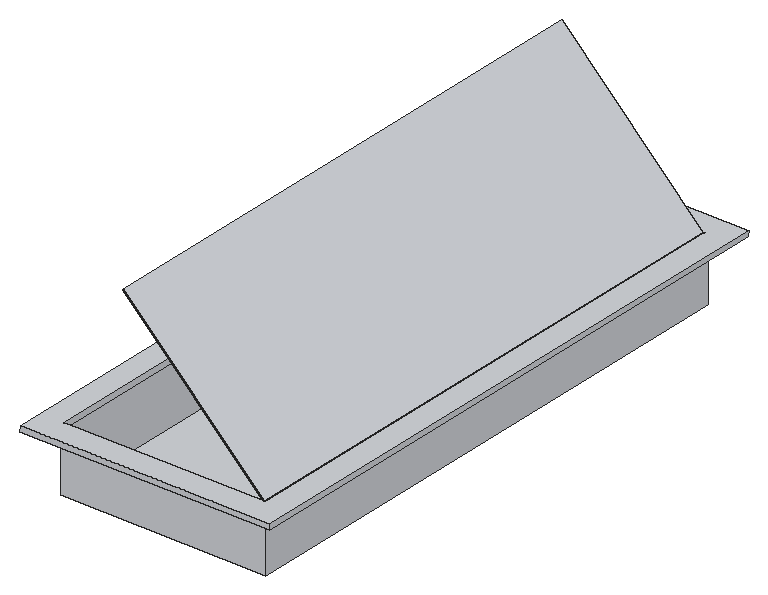
Revit family "Hager-Volta-IP30-Flush_mounted-leer-DE-de", category Electrical Equipment, host Face, Revit 2020
Family settings
  Host = Face
  Panel Configuration = Two Columns, Circuits Across
  Round Connector Dimension = Use Diameter
  Part Type = Panelboard
  Cut with Voids When Loaded = No
  Shared = No
  Room Calculation Point = No
Parameters (values of type "Unterputz IP30 B348 H880.5 T98 12 Teilungseinheiten - VU60WWV")
  Width Control [instance] = if([HG000006 - Unterputz], if([EF000846 - Einbaubreite] > min_whd, [EF000846 - Einbaubreite], min_whd), if([EF000008 - Breite] > min_whd, ([EF000008 - Breite]), min_whd))  # 314 mm
  Void Depth [instance] = if([HG000006 - Unterputz], Depth Control, 1 mm)  # 89 mm
  Type Comments = [HG000003 - Bereich]  # "Volta"
  System Height [instance] = Height Control - 2 * [HG000005 - Dicke]  # 839 mm
  Model = [HG000004 - Herstellerreferenz]  # "VU60WWV"
  HG000017 - Distanz zwischen den Polen = 18 mm
  HG000016 - 3D-Türsichtbarkeit [instance] = yes
  HG000015 - Sichtbarkeit der Türöffnung [instance] = no
  HG000014 - Tür rechts [instance] = yes
  HG000013 - Tür links [instance] = not([HG000014 - Tür rechts])  # no
  HG000012 - Türschwenkwinkel [instance] = 45.00°
  HG000011 - Leere Reihen von unten = no
  HG000010 - Asymmetrische Türen = no
  HG000009 - Doppelflügeligen Tür = no
  HG000008 - Anzahl der leeren Reihen = 0
  HG000007 - Anzahl der leeren Spalten = 0
  HG000006 - Unterputz = yes
  HG000005 - Dicke = 3 mm  # constant formula
  HG000004 - Herstellerreferenz = "VU60WWV"
  HG000003 - Bereich = "Volta"
  HG000002 - Mit tür = yes
  HG000001 - Anzahl der Spalten = 0
  EF015941 - Signaldurchlassende Tür = yes
  EF015777 - Neutralleiterklemmenblock = no
  EF015776 - Erdungsklemmenblock = no
  EF009212 - Ausführung Deckel = "EV009916 - mit Ausschnitt"
  EF006306 - Mit Schloss = no
  EF006244 - Transparenter Deckel/Tür = no
  EF005474 - Schutzart (IP) = "EV006410 - IP30"
  EF004462 - Art der Schließung = "EV000154 - sonstige"
  EF002950 - Breite in Teilungseinheiten = 12
  EF001596 - Werkstoff des Gehäuses = "EV000154 - sonstige"
  EF001134 - DIN-Schiene = yes
  EF001131 - Innentiefe = 92 mm
  EF001088 - Anbaumöglichkeit = yes
  EF001062 - EMV-Ausführung = no
  EF000846 - Einbaubreite = 314 mm
  EF000339 - Art der Abdeckung = "EV004216 - Tür"
  EF000332 - Einbauhöhe = 845 mm
  EF000266 - Anzahl der Reihen = 0
  EF000218 - Einbautiefe = 89 mm
  EF000118 - Mit Montageplatte = yes
  EF000116 - RAL-Nummer = "9010"
  EF000049 - Tiefe = 98 mm
  EF000040 - Höhe = 880 mm
  EF000008 - Breite = 348 mm
  EF000007 - Farbe = "EV000202 - weiß"
  EF000003 - Montageart = "EV000383 - Unterputz"
  Arrow Offset [instance] = Depth Control / 8  # 11.125 mm
  Arrow Height [instance] = Depth Control - Arrow Offset  # 77.875 mm
  Host Offset [instance] = if([HG000006 - Unterputz], 0 mm, [EF000049 - Tiefe])  # 0 mm
  min_whd [instance] = (2 * [HG000005 - Dicke]) + 1 mm  # 7 mm
  Manufacturer = "Hager"  # constant formula
  Height Control [instance] = if([HG000006 - Unterputz], if([EF000332 - Einbauhöhe] > min_whd, [EF000332 - Einbauhöhe], min_whd), if([EF000040 - Höhe] > min_whd, ([EF000040 - Höhe]), min_whd))  # 845 mm
  Flush Mounted - Door Frame Width [instance] = if(([EF000040 - Höhe] - [EF000332 - Einbauhöhe]) > 0 mm, if([HG000006 - Unterputz], [EF000040 - Höhe] - [EF000332 - Einbauhöhe], 0 mm), 0 mm)  # 35 mm
  Depth Control [instance] = if([HG000006 - Unterputz], if([EF000218 - Einbautiefe] > 0 mm, [EF000218 - Einbautiefe], 1 mm), if([EF000049 - Tiefe] > 0 mm, ([EF000049 - Tiefe]), 1 mm))  # 89 mm
  Default Elevation = 0 mm
Types (22, lengths in mm): name | Width Control | Void Depth | System Height | Model | HG000004 - Herstellerreferenz | HG000002 - Mit tür | EF015941 - Signaldurchlassende Tür | EF009212 - Ausführung Deckel | EF005474 - Schutzart (IP) | EF004462 - Art der Schließung | EF001596 - Werkstoff des Gehäuses | EF001134 - DIN-Schiene | EF001062 - EMV-Ausführung | EF000846 - Einbaubreite | EF000339 - Art der Abdeckung | EF000332 - Einbauhöhe | EF000266 - Anzahl der Reihen | EF000218 - Einbautiefe | EF000118 - Mit Montageplatte | EF000116 - RAL-Nummer | EF000049 - Tiefe | EF000040 - Höhe | EF000008 - Breite | EF000007 - Farbe | Arrow Offset | Arrow Height | Height Control | Flush Mounted - Door Frame Width | Depth Control
  Unterputz  B330 H355 T94.5 12 Teilungseinheiten - VU12NK | 335 | 90 | 340 | "VU12NK" | "VU12NK" | no | no | "EV000116 - geschlossen" | "" | "" | "EV000139 - Kunststoff" | no | yes | 335 | "" | 346 | 1 | 90 | no | "7035" | 94 | 355 | 330 | "EV000270 - grau" | 11.25 | 78.75 | 346 | 9 | 90
  Unterputz  B330 H484 T94.5 12 Teilungseinheiten - VU24NK | 335 | 90 | 465 | "VU24NK" | "VU24NK" | no | no | "EV000116 - geschlossen" | "" | "" | "EV000139 - Kunststoff" | no | yes | 335 | "" | 471 | 2 | 90 | no | "7035" | 94 | 484 | 330 | "EV000270 - grau" | 11.25 | 78.75 | 471 | 13 | 90
  Unterputz  B330 H609 T94.5 12 Teilungseinheiten - VU36NK | 335 | 90 | 590 | "VU36NK" | "VU36NK" | no | no | "EV000116 - geschlossen" | "" | "" | "EV000139 - Kunststoff" | no | yes | 335 | "" | 596 | 3 | 90 | no | "7035" | 94 | 609 | 330 | "EV000270 - grau" | 11.25 | 78.75 | 596 | 13 | 90
  Unterputz  B330 H734 T94.5 12 Teilungseinheiten - VU48NK | 335 | 90 | 715 | "VU48NK" | "VU48NK" | no | no | "EV000116 - geschlossen" | "" | "" | "EV000139 - Kunststoff" | no | yes | 335 | "" | 721 | 4 | 90 | no | "7035" | 94 | 734 | 330 | "EV000270 - grau" | 11.25 | 78.75 | 721 | 13 | 90
  Unterputz  B348 H880 T94.5 12 Teilungseinheiten - VU60NK | 335 | 90 | 840 | "VU60NK" | "VU60NK" | no | no | "EV000116 - geschlossen" | "" | "" | "EV000139 - Kunststoff" | no | yes | 335 | "" | 846 | 5 | 90 | no | "7035" | 94 | 880 | 348 | "EV000270 - grau" | 11.25 | 78.75 | 846 | 34 | 90
  Unterputz IP30 B348 H505.5 T98 12 Teilungseinheiten - VU24NWB | 314 | 89 | 464 | "VU24NWB" | "VU24NWB" | yes | no | "EV009916 - mit Ausschnitt" | "EV006410 - IP30" | "EV000154 - sonstige" | "EV000154 - sonstige" | yes | no | 314 | "EV004216 - Tür" | 470 | 0 | 89 | yes | "9010" | 98 | 506 | 348 | "EV000202 - weiß" | 11.125 | 77.875 | 470 | 36 | 89
  Unterputz IP30 B348 H630.5 T98 12 Teilungseinheiten - VU36NKM | 314 | 89 | 589 | "VU36NKM" | "VU36NKM" | no | no | "EV000116 - geschlossen" | "EV006410 - IP30" | "" | "EV000139 - Kunststoff" | yes | no | 314 | "" | 595 | 0 | 89 | yes | "7035" | 98 | 630 | 348 | "EV000270 - grau" | 11.125 | 77.875 | 595 | 35 | 89
  Unterputz IP30 B348 H630.5 T98 12 Teilungseinheiten - VU36NW | 314 | 89 | 589 | "VU36NW" | "VU36NW" | yes | no | "EV009916 - mit Ausschnitt" | "EV006410 - IP30" | "EV000154 - sonstige" | "EV000154 - sonstige" | yes | no | 314 | "EV004216 - Tür" | 595 | 0 | 89 | yes | "9010" | 98 | 630 | 348 | "EV000202 - weiß" | 11.125 | 77.875 | 595 | 35 | 89
  Unterputz IP30 B348 H630.5 T98 12 Teilungseinheiten - VU36NWB | 314 | 89 | 589 | "VU36NWB" | "VU36NWB" | yes | no | "EV009916 - mit Ausschnitt" | "EV006410 - IP30" | "EV000154 - sonstige" | "EV000154 - sonstige" | yes | no | 314 | "EV004216 - Tür" | 595 | 0 | 89 | yes | "9010" | 98 | 630 | 348 | "EV000202 - weiß" | 11.125 | 77.875 | 595 | 35 | 89
  Unterputz IP30 B348 H630.5 T98 12 Teilungseinheiten - VU36WWH | 314 | 89 | 589 | "VU36WWH" | "VU36WWH" | yes | yes | "EV009916 - mit Ausschnitt" | "EV006410 - IP30" | "EV000154 - sonstige" | "EV000154 - sonstige" | yes | no | 314 | "EV004216 - Tür" | 595 | 0 | 89 | yes | "9010" | 98 | 630 | 348 | "EV000202 - weiß" | 11.125 | 77.875 | 595 | 35 | 89
  Unterputz IP30 B348 H755.5 T98 12 Teilungseinheiten - VU48MMV | 314 | 89 | 714 | "VU48MMV" | "VU48MMV" | yes | no | "EV009916 - mit Ausschnitt" | "EV006410 - IP30" | "EV000154 - sonstige" | "EV000154 - sonstige" | yes | no | 314 | "EV004216 - Tür" | 720 | 0 | 89 | yes | "9010" | 98 | 756 | 348 | "EV000202 - weiß" | 11.125 | 77.875 | 720 | 36 | 89
  Unterputz IP30 B348 H755.5 T98 12 Teilungseinheiten - VU48NKM | 314 | 89 | 714 | "VU48NKM" | "VU48NKM" | no | no | "EV000116 - geschlossen" | "EV006410 - IP30" | "" | "EV000139 - Kunststoff" | yes | no | 314 | "" | 720 | 0 | 89 | yes | "7035" | 98 | 756 | 348 | "EV000270 - grau" | 11.125 | 77.875 | 720 | 36 | 89
  Unterputz IP30 B348 H755.5 T98 12 Teilungseinheiten - VU48NW | 314 | 89 | 714 | "VU48NW" | "VU48NW" | yes | no | "EV009916 - mit Ausschnitt" | "EV006410 - IP30" | "EV000154 - sonstige" | "EV000154 - sonstige" | yes | no | 314 | "EV004216 - Tür" | 720 | 0 | 89 | yes | "9010" | 98 | 756 | 348 | "EV000202 - weiß" | 11.125 | 77.875 | 720 | 36 | 89
  Unterputz IP30 B348 H755.5 T98 12 Teilungseinheiten - VU48NWB | 314 | 89 | 714 | "VU48NWB" | "VU48NWB" | yes | no | "EV009916 - mit Ausschnitt" | "EV006410 - IP30" | "EV000154 - sonstige" | "EV000154 - sonstige" | yes | no | 314 | "EV004216 - Tür" | 720 | 0 | 89 | yes | "9010" | 98 | 756 | 348 | "EV000202 - weiß" | 11.125 | 77.875 | 720 | 36 | 89
  Unterputz IP30 B348 H755.5 T98 12 Teilungseinheiten - VU48WWH | 314 | 89 | 714 | "VU48WWH" | "VU48WWH" | yes | yes | "EV009916 - mit Ausschnitt" | "EV006410 - IP30" | "EV000154 - sonstige" | "EV000154 - sonstige" | yes | no | 314 | "EV004216 - Tür" | 720 | 0 | 89 | yes | "9010" | 98 | 756 | 348 | "EV000202 - weiß" | 11.125 | 77.875 | 720 | 36 | 89
  Unterputz IP30 B348 H755.5 T98 12 Teilungseinheiten - VU48WWV | 314 | 89 | 714 | "VU48WWV" | "VU48WWV" | yes | yes | "EV009916 - mit Ausschnitt" | "EV006410 - IP30" | "EV000154 - sonstige" | "EV000154 - sonstige" | yes | no | 314 | "EV004216 - Tür" | 720 | 0 | 89 | yes | "9010" | 98 | 756 | 348 | "EV000202 - weiß" | 11.125 | 77.875 | 720 | 36 | 89
  Unterputz IP30 B348 H880.5 T98 12 Teilungseinheiten - VU60MMV | 314 | 89 | 839 | "VU60MMV" | "VU60MMV" | yes | no | "EV009916 - mit Ausschnitt" | "EV006410 - IP30" | "EV000154 - sonstige" | "EV000154 - sonstige" | yes | no | 314 | "EV004216 - Tür" | 845 | 0 | 89 | yes | "9010" | 98 | 880 | 348 | "EV000202 - weiß" | 11.125 | 77.875 | 845 | 35 | 89
  Unterputz IP30 B348 H880.5 T98 12 Teilungseinheiten - VU60NKM | 314 | 89 | 839 | "VU60NKM" | "VU60NKM" | no | no | "EV000116 - geschlossen" | "EV006410 - IP30" | "" | "EV000139 - Kunststoff" | yes | no | 314 | "" | 845 | 0 | 89 | yes | "7035" | 98 | 880 | 348 | "EV000270 - grau" | 11.125 | 77.875 | 845 | 35 | 89
  Unterputz IP30 B348 H880.5 T98 12 Teilungseinheiten - VU60NW | 314 | 89 | 839 | "VU60NW" | "VU60NW" | yes | no | "EV009916 - mit Ausschnitt" | "EV006410 - IP30" | "EV000154 - sonstige" | "EV000154 - sonstige" | yes | no | 314 | "EV004216 - Tür" | 845 | 0 | 89 | yes | "9010" | 98 | 880 | 348 | "EV000202 - weiß" | 11.125 | 77.875 | 845 | 35 | 89
  Unterputz IP30 B348 H880.5 T98 12 Teilungseinheiten - VU60NWB | 314 | 89 | 839 | "VU60NWB" | "VU60NWB" | yes | no | "EV009916 - mit Ausschnitt" | "EV006410 - IP30" | "EV000154 - sonstige" | "EV000154 - sonstige" | yes | no | 314 | "EV004216 - Tür" | 845 | 0 | 89 | yes | "9010" | 98 | 880 | 348 | "EV000202 - weiß" | 11.125 | 77.875 | 845 | 35 | 89
  Unterputz IP30 B348 H880.5 T98 12 Teilungseinheiten - VU60WWH | 314 | 89 | 839 | "VU60WWH" | "VU60WWH" | yes | yes | "EV009916 - mit Ausschnitt" | "EV006410 - IP30" | "EV000154 - sonstige" | "EV000154 - sonstige" | yes | no | 314 | "EV004216 - Tür" | 845 | 0 | 89 | yes | "9010" | 98 | 880 | 348 | "EV000202 - weiß" | 11.125 | 77.875 | 845 | 35 | 89
  Unterputz IP30 B348 H880.5 T98 12 Teilungseinheiten - VU60WWV | 314 | 89 | 839 | "VU60WWV" | "VU60WWV" | yes | yes | "EV009916 - mit Ausschnitt" | "EV006410 - IP30" | "EV000154 - sonstige" | "EV000154 - sonstige" | yes | no | 314 | "EV004216 - Tür" | 845 | 0 | 89 | yes | "9010" | 98 | 880 | 348 | "EV000202 - weiß" | 11.125 | 77.875 | 845 | 35 | 89
Reference planes
  plane 1 "Center (Front/Back)": y = 0
  plane 2: z = 0
  plane 3 "Center (Left/Right)": x = 0
  plane 4: z = 0
  plane 5: y = 38
  plane 6: z = -5
  plane 7: y = 457.5
  plane 8: y = 35
  plane 9: y = 880
  plane 10: z = -89
  plane 11: x = -157
  plane 12: x = 157
  plane 13: x = 154
  plane 14: x = -154
  plane 15: y = 877
  plane 16: z = -86
  plane 17: z = -3
  plane 18: z = -89
  plane 19: z = -3
Forms (mm)
  Extrusion 1, solid
    sketch origin (-583.045, 35, 1219.2) x (-1, 0, 0) y (0, 0, 1)
      loop
        line (-426.045, -1219.2) -> (-740.045, -1219.2) -> (-740.045, -1308.2) -> (-426.045, -1308.2) -> (-426.045, -1219.2)
    from 0 to 845 <- "Height Control"
  Extrusion 2, void
    sketch origin (-381.607, -4572, 0) x (0, -1, 0) y (-1, 0, 0)
      loop
        line (-5449, -227.607) -> (-5449, -535.607) -> (-4610, -535.607) -> (-4610, -227.607) -> (-5449, -227.607)
    from 0 to 86
  Extrusion 3, void
    sketch origin (0, 0, 0) x (1, 0, 0) y (0, 1, 0)
      loop
        line (-157, 35) -> (157, 35) -> (157, 880) -> (-157, 880) -> (-157, 35)
    from -89 to 1
  Extrusion 4, solid, detail levels coarse+medium
    sketch origin (-381.607, -4572, 0) x (-1, 0, 0) y (0, -1, 0)
      loop
        line (-227.607, -5449) -> (-227.607, -4610) -> (-535.607, -4610) -> (-535.607, -5449) -> (-227.607, -5449)
    from 0 to -3
Cuts and joins
  Extrusion 2 cuts Extrusion 1
Dimensions and locks
  plane 4 to plane 6 = 5 mm
  "Host Offset": plane 4 to host face
  "Flush Mounted - Door Frame Width": plane 1 "Center (Front/Back)" to plane 8
  "HG000005 - Dicke": plane 5 to plane 8
  locked: connector elem to plane 3 "Center (Left/Right)"
  "Height Control": plane 9 to plane 8
  equal spacing: plane 9, plane 7, plane 8
  locked: connector elem to plane 7
  "Depth Control": plane 4 to plane 10
  "HG000005 - Dicke": plane 11 to plane 14
  "HG000005 - Dicke": plane 12 to plane 13
  equal spacing: plane 11, plane 3 "Center (Left/Right)", plane 12
  "Width Control": plane 11 to plane 12
  "Arrow Offset": nested 4 to plane 10
  "HG000005 - Dicke": plane 9 to plane 15
  "HG000005 - Dicke": plane 16 to plane 10
  "HG000005 - Dicke": plane 4 to plane 17
  "Void Depth": plane 2 to plane 18
  "HG000005 - Dicke": plane 4 to plane 19
  aligned and locked: plane 2 to host face
  aligned and locked: level to host face
  aligned and locked: plane 3 "Center (Left/Right)" to nested 2
  aligned and locked: plane 4 to nested 2
  aligned and locked: nested 2 to plane 8
  aligned and locked: nested 1 to plane 6
  aligned and locked: plane 5 to nested 1
  aligned and locked: nested 4 to plane 11
  aligned and locked: nested 3 to plane 4
  aligned and locked: Extrusion 1 sketch curve to plane 12
  aligned and locked: Extrusion 1 sketch curve to plane 11
  aligned and locked: nested 3 to plane 10
  aligned and locked: plane 10 to Extrusion 1 sketch curve
  aligned and locked: plane 5 to Extrusion 2 sketch curve
  aligned and locked: Extrusion 2 sketch curve to plane 15
  aligned and locked: Extrusion 2 sketch curve to plane 14
  aligned and locked: Extrusion 2 sketch curve to plane 13
  aligned and locked: plane 11 to Extrusion 3 sketch curve
  aligned and locked: plane 9 to Extrusion 3 sketch curve
  aligned and locked: Extrusion 3 sketch curve to plane 8
  aligned and locked: plane 12 to Extrusion 3 sketch curve
  aligned and locked: nested 3 to plane 12
  aligned and locked: Extrusion 3 to plane 18
  aligned and locked: Extrusion 2 to plane 16
  aligned and locked: Extrusion 1 sketch curve to plane 4
  aligned and locked: Extrusion 4 to plane 17
  aligned and locked: Extrusion 4 sketch curve to plane 15
  aligned and locked: Extrusion 4 sketch curve to plane 13
  aligned and locked: Extrusion 4 sketch curve to plane 14
  aligned and locked: plane 5 to Extrusion 4 sketch curve
Automatic sketch dimensions
  host sketch curve to host sketch curve = 1469.727 mm
  host sketch curve to host sketch curve = 1434.803 mm
Nested families
  nested 1: "Hager_Enclosure_System" at (0, 38, -5) x (1, 0, 0) z (0, 1, 0), Depth <- "HG000005 - Dicke", Height <- "System Height", Width <- "EF000008 - Breite", Border <- "HG000005 - Dicke", Flush_Mounted <- "HG000006 - Unterputz", Built-in_Width <- "EF000846 - Einbaubreite", Row_Module_Multiplicator <- "EF002950 - Breite in Teilungseinheiten", Total_No_Empty_Rows <- "HG000008 - Anzahl der leeren Reihen", Total_No_Rows <- "EF000266 - Anzahl der Reihen", Empty_Columns <- "HG000007 - Anzahl der leeren Spalten", Width_Control <- "Width Control", Empty_Rows_From_Bottom <- "HG000011 - Leere Reihen von unten", Distance_Between_Poles <- "HG000017 - Distanz zwischen den Polen", Rows_Count <- "EF000266 - Anzahl der Reihen", Columns_Count <- "HG000001 - Anzahl der Spalten", type "Hager_Enclosure_System", detail levels fine
    with Width_Control 314 mm, Width 348 mm, Total_No_Rows 0, Total_No_Empty_Rows 0, Total_No_Columns 1, System_Width 308 mm, Rows_Count 0, Rows_Column 0, Row_Module_Multiplicator 12, Panel_4 no, Panel_3 no, Panel_2 no, Panel_1 no, No_Panels_Ctrl 1, Hide_Columns yes, Height 839 mm, Flush_Mounted yes, Empty_Rows_From_Bottom no, Empty_Rows_Column 0, Empty_Columns 0, Distance_Between_Poles 18 mm, Depth 3 mm, Columns_Count 0, Column_Width 308 mm, Built-in_Width 314 mm, Border 3 mm
  nested 2: "Hager_Enclosure_Door" at (0, 35, 0) x (1, 0, 0) z (0, 1, 0), Border <- "HG000005 - Dicke", Door_Right <- "HG000014 - Tür rechts", Flush_Mounted <- "HG000006 - Unterputz", Depth <- "EF000049 - Tiefe", Width <- "EF000008 - Breite", Door_Left <- "HG000013 - Tür links", 3d_Door <- "HG000016 - 3D-Türsichtbarkeit", BuiltIn_Width <- "EF000846 - Einbaubreite", BuiltIn_Height <- "EF000332 - Einbauhöhe", BuiltIn_Depth <- "EF000218 - Einbautiefe", Angle <- "HG000012 - Türschwenkwinkel", Assymetrical <- "HG000010 - Asymmetrische Türen", Double <- "HG000009 - Doppelflügeligen Tür", Clearance <- "HG000015 - Sichtbarkeit der Türöffnung", Transparent <- "EF006244 - Transparenter Deckel/Tür", Door <- "HG000002 - Mit tür", Height_Ctrl <- "Height Control", Width_Ctrl <- "Width Control", Height <- "EF000040 - Höhe", type "Hager_Enclosure_Door", detail levels medium+fine
    with min_wh 7 mm, Width_Ctrl 314 mm, Width 348 mm, Transparent_Door_No_Bottom_Border no, Transparent no, Leaf_Width 305 mm, Leaf_Tolerance 1.5 mm, Leaf_Height 836 mm, Leaf_2_Width 305 mm, Leaf_2_Offset 152.5 mm, Leaf_1_Width 305 mm, Leaf_1_Offset 152.5 mm, Height_Ctrl 845 mm, Height 880 mm, Frame_Width_Ctrl 34 mm, Frame_Width 34 mm, Frame_Internal_Offset 3 mm, Frame_Height_Ctrl 35 mm, Frame_Height 35 mm, Frame_Depth_Ctrl 9 mm, Frame_Depth 9 mm, Flush_Mounted yes, Double_Clearance_Ctrl no, Double no, Door_Right_Ctrl yes, Door_Right yes, Door_Left_Ctrl no, Door_Left no, Door yes, Depth 98 mm, Clearance_Depth 305 mm, Clearance_Ctrl no, Clearance no, BuiltIn_Width 314 mm, BuiltIn_Height 845 mm, BuiltIn_Depth 89 mm, Border 3 mm, Assymetrical no, Angle 45.00°, 3d_Door yes
  nested 3: "Hager_Enclosure_Symbol_Triangle" at (-157, 0, -89) x (1, 0, 0) z (0, -1, 0), Depth <- "Depth Control", Width <- "Width Control", type "Hager_Enclosure_Symbol_Triangle"
    with Width_Ctrl 314 mm, Width 314 mm, Depth_Ctrl 89 mm, Depth 89 mm
  nested 4: "Hager_Enclosure_Symbol_Arrow" at (-157, 0, -77.875) x (1, 0, 0) z (0, -1, 0), Height <- "Arrow Height", type "Hager_Enclosure_Symbol_Arrow"
    with Width_Inside 5.841 mm, Width 70.087 mm, Height_Ctrl 77.875 mm, Height 77.875 mm
Connectors
  electrical at (0, 457.5, -89)
    settings: on plane 10, index 1, voltage 0 V, apparent load 0 VA, apparent load phase1 0 VA, apparent load phase2 0 VA, apparent load phase3 0 VA, power factor 1, load classification "Other", number of poles 1, system type 30, power factor state 1, is connector primary yes, connector utility no, sub classification motor no, connector description ""
Definition of nested family "Hager_Enclosure_Door"
  Parameters (values of type "Hager_Enclosure_Door")
    min_wh [instance] = (2 * Border) + 1 mm  # 11 mm
    Width_Ctrl [instance] = 400 mm
    Width [instance] = 500 mm
    Transparent_Door_No_Bottom_Border [instance] = no
    Transparent [instance] = yes
    Leaf_Width [instance] = if((Width_Ctrl - 2 * Border - 2 * Leaf_Tolerance) > 0 mm, (Width_Ctrl - 2 * Border - 2 * Leaf_Tolerance), min_wh)  # 387 mm
    Leaf_Tolerance [instance] = 1.5 mm  # constant formula
    Leaf_Height [instance] = if((Height_Ctrl - 2 * Border - 2 * Leaf_Tolerance) > 0 mm, (Height_Ctrl - 2 * Border - 2 * Leaf_Tolerance), min_wh)  # 387 mm
    Leaf_2_Width [instance] = if(and(and(Double, Assymetrical), Door_Left), (Leaf_Width / 3) - (Leaf_Tolerance / 2), if(and(and(Double, Assymetrical), Door_Right), (Leaf_Width / 3) * 2 - (Leaf_Tolerance / 2), if(and(Double, not(Assymetrical)), (Leaf_Width / 2) - Leaf_Tolerance, Leaf_Width)))  # 387 mm
    Leaf_2_Offset [instance] = if(and(Double, Assymetrical), Leaf_2_Width / 2, if(and(Double, not(Assymetrical)), Leaf_Width / 4, Leaf_Width / 2))  # 193.5 mm
    Leaf_1_Width [instance] = if(and(and(Double, Assymetrical), Door_Right), (Leaf_Width / 3) - (Leaf_Tolerance / 2), if(and(and(Double, Assymetrical), Door_Left), (Width / 3) * 2 - (Leaf_Tolerance / 2), if(and(Double, not(Assymetrical)), (Leaf_Width / 2) - Leaf_Tolerance, Leaf_Width)))  # 387 mm
    Leaf_1_Offset [instance] = if(and(Double, Assymetrical), Leaf_1_Width / 2, if(and(Double, not(Assymetrical)), Leaf_Width / 4, Leaf_Width / 2))  # 193.5 mm
    Height_Ctrl [instance] = 400 mm
    Height [instance] = 500 mm
    Frame_Width_Ctrl [instance] = if(Frame_Width > 0 mm, Frame_Width, 1 mm)  # 1 mm
    Frame_Width [instance] = Width - BuiltIn_Width  # 0 mm
    Frame_Internal_Offset [instance] = if(Flush_Mounted, Border, 0 mm)  # 5 mm
    Frame_Height_Ctrl [instance] = if(Frame_Height > 0 mm, Frame_Height, 1 mm)  # 1 mm
    Frame_Height [instance] = Height - BuiltIn_Height  # 0 mm
    Frame_Depth_Ctrl [instance] = if(Frame_Depth > 0 mm, Frame_Depth, 1 mm)  # 1 mm
    Frame_Depth [instance] = if(Depth - BuiltIn_Depth > 0 mm, if(Flush_Mounted, Depth - BuiltIn_Depth, 0 mm), 0 mm)  # 0 mm
    Flush_Mounted [instance] = yes
    Double_Clearance_Ctrl [instance] = and(Double, Clearance)  # no
    Double [instance] = no
    Door_Right_Ctrl [instance] = and(or(Door_Right, Double), Door)  # yes
    Door_Right [instance] = yes
    Door_Left_Ctrl [instance] = and(or(Door_Left, Double), Door)  # no
    Door_Left [instance] = no
    Door [instance] = yes
    Depth [instance] = 500 mm
    Default Elevation = 1219.2 mm
    Clearance_Material = none
    Clearance_Depth [instance] = if(Leaf_1_Width > Leaf_2_Width, Leaf_1_Width, Leaf_2_Width)  # 387 mm
    Clearance_Ctrl [instance] = and(not(Double), Clearance)  # yes
    Clearance [instance] = yes
    BuiltIn_Width [instance] = 500 mm
    BuiltIn_Height [instance] = 500 mm
    BuiltIn_Depth [instance] = 500 mm
    Border [instance] = 5 mm
    Assymetrical [instance] = yes
    Angle [instance] = 30.00°
    3d_Door [instance] = yes
  Reference planes
    plane 1 "Center (Front/Back)": y = 0
    plane 2 "Bottom": z = 0
    plane 3 "Center (Left/Right)": x = 0
    plane 4: z = 400
    plane 5: x = -200
    plane 6: x = 200
    plane 7: z = 395
    plane 8: x = -195
    plane 9: z = 5
    plane 10: x = 195
    plane 11: y = 0
    plane 12: z = 6.5
    plane 13: x = -582
    plane 14: y = -387
    plane 15: x = 582
    plane 16: x = 0
    plane 17: x = 0
    plane 18: x = -193.5
    plane 19: x = 193.5
    plane 20: z = 393.5
  Forms (mm)
    Extrusion 1, solid, visible <- "Flush_Mounted"
      sketch origin (0, 0, 0) x (1, 0, 0) y (0, 0, 1)
        loop
          line (195, 5) -> (195, 395) -> (-195, 395) -> (-195, 5) -> (195, 5)
        loop
          line (-201, 401) -> (-201, -1) -> (201, -1) -> (201, 401) -> (-201, 401)
      from 0 to 1 <- "Frame_Depth_Ctrl"
    Extrusion 2, solid, material <- "Clearance_Material", visible <- "Double_Clearance_Ctrl"
      sketch origin (1200, 0, 0) x (1, 0, 0) y (0, 0, -1)
        loop
          line (-1782, -393.5) -> (-618, -393.5) -> (-618, 0) -> (-1782, 0) -> (-1782, -393.5)
      from 0 to -387
  Dimensions and locks
    equal spacing: plane 5, plane 3 "Center (Left/Right)", plane 6
    "Width_Ctrl": plane 5 to plane 6
    "Border": plane 5 to plane 8
    "Border": plane 6 to plane 10
    "Border": plane 9 to level
    "Border": plane 4 to plane 7
    "Height_Ctrl": plane 4 to level
    "Leaf_Tolerance": plane 12 to plane 9
    "Frame_Depth": plane 11 to plane 1 "Center (Front/Back)"
    "Frame_Width_Ctrl": plane 5 to Extrusion 1 sketch curve
    "Frame_Width_Ctrl": plane 6 to Extrusion 1 sketch curve
    "Frame_Width_Ctrl": Extrusion 1 sketch curve to plane 4
    "Frame_Width_Ctrl": plane 2 "Bottom" to Extrusion 1 sketch curve
    "Leaf_1_Offset": plane 18 to plane 16
    "Leaf_2_Offset": plane 17 to plane 19
    "Leaf_1_Width": plane 13 to plane 8
    "Leaf_2_Width": plane 10 to plane 15
    "Clearance_Depth": plane 14 to plane 1 "Center (Front/Back)"
    "Leaf_Tolerance": plane 8 to plane 18
    "Leaf_Tolerance": plane 19 to plane 10
    "Leaf_Tolerance": plane 7 to plane 20
    "Frame_Internal_Offset": plane 5 to Extrusion 1 sketch curve
    "Frame_Internal_Offset": Extrusion 1 sketch curve to plane 2 "Bottom"
    "Frame_Internal_Offset": plane 6 to Extrusion 1 sketch curve
    "Frame_Internal_Offset": plane 4 to Extrusion 1 sketch curve
    aligned and locked: level to plane 2 "Bottom"
    aligned and locked: nested 1 to plane 16
    aligned and locked: nested 2 to plane 17
    aligned and locked: Extrusion 2 to plane 13
    aligned and locked: plane 15 to Extrusion 2
    aligned and locked: Extrusion 2 to plane 14
    aligned and locked: plane 12 to nested 1
    aligned and locked: nested 2 to plane 12
    aligned and locked: Extrusion 2 to plane 11
    aligned and locked: plane 20 to Extrusion 2
    aligned and locked: nested 2 to plane 11
    aligned and locked: nested 1 to plane 11
  Automatic sketch dimensions
    Extrusion 2 sketch curve to level = 0 mm
    plane 5 to Extrusion 2 sketch curve = 382 mm
    plane 6 to Extrusion 2 sketch curve = 382 mm
    Extrusion 2 sketch curve to plane 4 = 6.5 mm
  Nested families
    nested 1: "Hager_Enclosure_Door_Leaf" at (0, 0, 6.5), Width <- "Leaf_1_Width", visible <- "Door_Left_Ctrl", Leaf_Height <- "Leaf_Height", Angle <- "Angle", Depth <- "Border", 3d_Door <- "3d_Door", Transparent <- "Transparent", Clearance Material <- "Clearance_Material", Clearance <- "Clearance_Ctrl", Transparent_Door_No_Bottom_Border <- "Transparent_Door_No_Bottom_Border", type "Hager_Enclosure_Door_Leaf"
      with Width 387 mm, Transparent_Door_No_Bottom_Border no, Transparent_Door_Border_Bottom_Top 25 mm, Transparent_Door_Border 25 mm, Transparent_Ctrl yes, Transparent yes, Standard no, Leaf_Height 387 mm, Glass_Offset 1 mm, Depth 5 mm, Clearance Material none, Clearance yes, Angle_Ctrl 30.00°, Angle 30.00°, 3d_Door yes
    nested 2: "Hager_Enclosure_Door_Leaf" at (0, 0, 6.5) x (-1, 0, 0) z (0, 0, 1), Width <- "Leaf_2_Width", visible <- "Door_Right_Ctrl", Leaf_Height <- "Leaf_Height", Angle <- "Angle", Depth <- "Border", 3d_Door <- "3d_Door", Transparent <- "Transparent", Clearance Material <- "Clearance_Material", Clearance <- "Clearance_Ctrl", Transparent_Door_No_Bottom_Border <- "Transparent_Door_No_Bottom_Border", type "Hager_Enclosure_Door_Leaf"
      with Width 387 mm, Transparent_Door_No_Bottom_Border no, Transparent_Door_Border_Bottom_Top 25 mm, Transparent_Door_Border 25 mm, Transparent_Ctrl yes, Transparent yes, Standard no, Leaf_Height 387 mm, Glass_Offset 1 mm, Depth 5 mm, Clearance Material none, Clearance yes, Angle_Ctrl 30.00°, Angle 30.00°, 3d_Door yes
  Definition of nested family "Hager_Enclosure_Door_Leaf"
    Parameters (values of type "Hager_Enclosure_Door_Leaf")
      Width [instance] = 2000 mm
      Transparent_Door_No_Bottom_Border [instance] = yes
      Transparent_Door_Border_Bottom_Top [instance] = if(Transparent_Door_No_Bottom_Border, 0.1 mm, Transparent_Door_Border)  # 0.1 mm
      Transparent_Door_Border [instance] = if(Transparent_Door_No_Bottom_Border, (Width * 0.12), 25 mm)  # 240 mm
      Transparent_Ctrl [instance] = and(Transparent, [3d_Door])  # yes
      Transparent [instance] = yes
      Standard [instance] = and(not(Transparent), [3d_Door])  # no
      Leaf_Height [instance] = 2720.336 mm
      Glass_Offset [instance] = if((Depth - 10 mm) / 2 > 0 mm, (Depth - 10 mm) / 2, 1 mm)  # 15 mm
      Glass_Material = none
      Depth [instance] = 40 mm
      Default Elevation = 0 mm
      Clearance Material [instance] = none
      Clearance [instance] = yes
      Angle_Ctrl [instance] = if(Angle > 170.00°, 170.00°, Angle)  # 45.00°
      Angle [instance] = 45.00°
      3d_Door [instance] = yes
    Reference planes
      plane 1 "Center (Front/Back)": y = 0
      plane 2: z = 0
      plane 3 "Center (Left/Right)": x = 0
      plane 4: y = 2000
      plane 5: x = -1000
      plane 6: x = 1000
      plane 7: x = -3000
      plane 8: z = 2720.336
      plane 9: z = 0.1
      plane 10: z = 2720.236
      plane 11: x = 760
      plane 12: x = -760
    Forms (mm)
      Extrusion 1, solid, material <- "Clearance Material", visible <- "Clearance"
        sketch origin (0, 0, 0) x (1, 0, 0) y (0, 0, 1)
          loop
            line (-3000, 2720.336) -> (-3000, 0) -> (1000, 0) -> (1000, 2720.336) -> (-3000, 2720.336)
        from 0 to -2000
      Extrusion 2, solid, visible <- "Standard", detail levels medium+fine
        sketch origin (-1000, 0, 0) x (0.707107, 0.707107, 0) y (-0.707107, 0.707107, 0)
          loop
            line (0, -40) -> (2000, -40) -> (2000, 0) -> (0, 0) -> (0, -40)
        from 0 to 2720.336 <- "Leaf_Height"
      Extrusion 3, solid, visible <- "Transparent_Ctrl", detail levels medium+fine
        sketch origin (-1000, 0, 0) x (0.707107, 0.707107, 0) y (-0.707107, 0.707107, 0)
          loop
            line (0, -40) -> (2000, -40) -> (2000, 0) -> (0, 0) -> (0, -40)
        from 0 to 2720.336 <- "Leaf_Height"
      Extrusion 4, void, detail levels medium+fine
        sketch origin (-1000, 0, 0) x (-0.707107, 0.707107, 0) y (0.707107, 0.707107, 0)
          loop
            line (0, 240) -> (0, 1760) -> (-40, 1760) -> (-40, 240) -> (0, 240)
        from -2720.236 to -0.1
      Extrusion 5, solid, material <- "Glass_Material", visible <- "Transparent_Ctrl", detail levels medium+fine
        sketch origin (-1000, 0, 0) x (0.707107, 0.707107, 0) y (-0.707107, 0.707107, 0)
          loop
            line (240, -15) -> (240, -25) -> (1760, -25) -> (1760, -15) -> (240, -15)
        from 0.1 to 2720.236
    Cuts and joins
      Extrusion 4 cuts Extrusion 3
    Lines and regions (mm)
      symbolic lines
        curve 1: line (1000, 0, 0) -> (-3000, 0, 0)
        curve 2: arc (1000, 0, 0) -> (-1000, 2000, 0) -> (-3000, 0, 0) r 2000
        curve 4: line (-1000, 0, 0) -> (414.214, 1414.214, 0)
      reference lines
        curve 3: line (-1000, 0, 0) -> (414.214, 1414.214, 0)
      symbolic lines, detail levels medium+fine
        curve 5: line (414.214, 1414.214, 0) -> (442.498, 1385.929, 0)
        curve 6: line (442.498, 1385.929, 0) -> (-971.716, -28.284, 0)
        curve 7: line (-971.716, -28.284, 0) -> (-1000, 0, 0)
        curve 8: line (-1000, 0, 2720.336) -> (1000, 0, 2720.336)
        curve 9: line (-1000, 0, 0) -> (-1000, 0, 2720.336)
        curve 10: line (1000, 0, 0) -> (-1000, 0, 0)
        curve 11: line (1000, 0, 2720.336) -> (1000, 0, 0)
      symbolic lines, visible <- "Transparent_Ctrl", detail levels medium+fine
        curve 12: line (-760, 0, 2720.236) -> (760, 0, 2720.236)
        curve 13: line (-760, 0, 0.1) -> (-760, 0, 2720.236)
        curve 14: line (760, 0, 0.1) -> (-760, 0, 0.1)
        curve 15: line (760, 0, 2720.236) -> (760, 0, 0.1)
    Dimensions and locks
      "Width": plane 1 "Center (Front/Back)" to plane 4
      equal spacing: plane 5, plane 3 "Center (Left/Right)", plane 6
      "Width": plane 5 to plane 6
      "Width": plane 7 to plane 5
      "Leaf_Height": plane 8 to level
      "Depth": curve 6 to curve 3
      "Width": curve 5 to curve 3
      "Width": curve 3 to curve 3
      "Transparent_Door_Border": Extrusion 4 sketch curve to curve 7
      "Transparent_Door_Border": Extrusion 4 sketch curve to curve 5
      "Transparent_Door_Border_Bottom_Top": plane 8 to plane 10
      "Transparent_Door_Border_Bottom_Top": plane 9 to level
      "Glass_Offset": Extrusion 5 sketch curve to curve 4
      "Glass_Offset": Extrusion 5 sketch curve to curve 6
      "Transparent_Door_Border": Extrusion 5 sketch curve to curve 5
      "Transparent_Door_Border": Extrusion 5 sketch curve to curve 7
      "Transparent_Door_Border": plane 12 to plane 5
      "Transparent_Door_Border": plane 6 to plane 11
      "Angle_Ctrl": angle plane 1 "Center (Front/Back)" to curve 3
      aligned and locked: level to plane 2
      aligned and locked: Extrusion 1 to curve 1
      aligned and locked: plane 6 to Extrusion 1
      aligned and locked: Extrusion 1 to plane 1 "Center (Front/Back)"
      aligned and locked: plane 4 to Extrusion 1
      aligned and locked: plane 8 to Extrusion 1
      aligned and locked: curve 4 to curve 3
      aligned and locked: Extrusion 2 sketch curve to curve 7
      aligned and locked: Extrusion 2 sketch curve to curve 6
      aligned and locked: Extrusion 2 sketch curve to curve 5
      aligned and locked: Extrusion 2 sketch curve to curve 3
      aligned and locked: curve 7 to Extrusion 3 sketch curve
      aligned and locked: Extrusion 3 sketch curve to curve 4
      aligned and locked: Extrusion 3 sketch curve to curve 6
      aligned and locked: Extrusion 3 sketch curve to curve 5
      aligned and locked: curve 4 to Extrusion 4 sketch curve
      aligned and locked: curve 6 to Extrusion 4 sketch curve
      aligned and locked: Extrusion 4 to plane 9
      aligned and locked: Extrusion 4 to plane 10
      aligned and locked: Extrusion 5 to plane 9
      aligned and locked: Extrusion 5 to plane 10
      aligned and locked: curve 8 to plane 8
      aligned and locked: plane 5 to curve 9
      aligned and locked: plane 2 to curve 10
      aligned and locked: curve 11 to plane 6
      aligned and locked: plane 10 to curve 12
      aligned and locked: plane 12 to curve 13
      aligned and locked: curve 14 to plane 9
      aligned and locked: plane 11 to curve 15
    Automatic sketch dimensions
      plane 1 "Center (Front/Back)" to curve 2 = 0 mm
      curve 2 to plane 5 = 0 mm
      Extrusion 1 sketch curve to level = 0 mm
      Extrusion 1 sketch curve to plane 7 = 0 mm
      Extrusion 1 sketch curve to plane 6 = 0 mm
      Extrusion 1 sketch curve to plane 8 = 0 mm
      plane 1 "Center (Front/Back)" to curve 3 = 0 mm
      curve 3 to plane 5 = 0 mm
      curve 7 to curve 3 = 0 mm
Definition of nested family "Hager_Enclosure_Symbol_Triangle"
  Parameters (values of type "Hager_Enclosure_Symbol_Triangle")
    Width_Ctrl [instance] = if(Width > 1 mm, Width, 1 mm)  # 498 mm
    Width [instance] = 498 mm
    Depth_Ctrl [instance] = if(Depth > 1 mm, Depth, 1 mm)  # 72 mm
    Depth [instance] = 72 mm
  Reference planes
    plane 1 "Centre (avant/arrière)": y = 0
    plane 2: z = 0
    plane 3 "Centre (gauche/droite)": x = 0
  Lines and regions (mm)
    Filled region 1, type "Solid_Black", in view "Niveau de réf."
      outline origin (0, 0, 0) x (1, 0, 0) y (0, 1, 0)
        loop
          line (0, 0) -> (498, 0) -> (498, 72) -> (0, 0)
    reference lines, in view "Niveau de réf."
      curve 1: line (-206.153, 72, 0) -> (1083.258, 72, 0)
      curve 2: line (498, 405.456, 0) -> (498, -517.619, 0)
  Dimensions and locks
    "Depth_Ctrl": plane 1 "Centre (avant/arrière)" to curve 1
    "Width_Ctrl": plane 3 "Centre (gauche/droite)" to curve 2
    aligned and locked: curve 1 to Filled region 1 sketch curve
    aligned and locked: Filled region 1 sketch curve to plane 1 "Centre (avant/arrière)"
    aligned and locked: curve 2 to Filled region 1 sketch curve
    aligned and locked: plane 3 "Centre (gauche/droite)" to Filled region 1 sketch curve
    aligned and locked: plane 1 "Centre (avant/arrière)" to Filled region 1 sketch curve
  Automatic sketch dimensions
    curve 1 to plane 3 "Centre (gauche/droite)" = 206.153 mm
    curve 2 to curve 1 = 585.258 mm
    plane 1 "Centre (avant/arrière)" to curve 2 = 517.619 mm
    curve 2 to plane 1 "Centre (avant/arrière)" = 405.456 mm
Definition of nested family "Hager_Enclosure_Symbol_Arrow"
  Parameters (values of type "Hager_Enclosure_Symbol_Arrow")
    Width_Inside [instance] = if(Width / 12 > 2 mm, Width / 12, 2 mm)  # 4.987 mm
    Width [instance] = if(Height_Ctrl * 0.9 > 2 mm, Height_Ctrl * 0.9, 2 mm)  # 59.85 mm
    Height_Ctrl [instance] = if(Height > 2 mm, Height, 2 mm)  # 66.5 mm
    Height [instance] = 66.5 mm
  Reference planes
    plane 1 "Centre (avant/arrière)": y = 0
    plane 2: z = 0
    plane 3 "Centre (gauche/droite)": x = 0
    plane 4: x = 59.85
    plane 5: y = 28.263
    plane 6: y = 38.238
    plane 7: y = 66.5
    plane 8: x = 29.925
    plane 9: y = 33.25
  Lines and regions (mm)
    Filled region 1, type "Solid_Black", in view "Niveau de réf."
      outline origin (0, 0, 0) x (1, 0, 0) y (0, 1, 0)
        loop
          line (59.85, 66.5) -> (37.929, 52.827) -> (51.846, 41.935) -> (59.85, 66.5)
    detail lines, in view "Niveau de réf."
      curve 1: line (0, 0, 0) -> (29.925, 38.238, 0)
      curve 2: line (29.925, 38.238, 0) -> (29.925, 28.263, 0)
      curve 3: line (29.925, 28.263, 0) -> (59.85, 66.5, 0)
  Dimensions and locks
    "Width": plane 3 "Centre (gauche/droite)" to plane 4
    "Height_Ctrl": plane 7 to plane 1 "Centre (avant/arrière)"
    equal spacing: plane 3 "Centre (gauche/droite)", plane 8, plane 4
    equal spacing: plane 7, plane 9, plane 1 "Centre (avant/arrière)"
    equal spacing: plane 6, plane 9, plane 5
    "Width_Inside": plane 6 to plane 9
    equal spacing: curve 3, Filled region 1 sketch curve, Filled region 1 sketch curve
    angle Filled region 1 sketch curve to curve 3 = 20.00°
    angle curve 3 to Filled region 1 sketch curve = 20.00°
    locked: curve 3 to Filled region 1 sketch curve (angle 90.00°)
  Automatic sketch dimensions
    plane 1 "Centre (avant/arrière)" to curve 1 = 0 mm
    curve 1 to plane 3 "Centre (gauche/droite)" = 0 mm
    curve 2 to plane 6 = 0 mm
    curve 3 to plane 8 = 0 mm
    curve 3 to plane 4 = 0 mm
    curve 2 to plane 5 = 0 mm
    curve 3 to plane 7 = 0 mm
    Filled region 1 sketch curve to plane 4 = 0 mm
    Filled region 1 sketch curve to plane 7 = 0 mm
